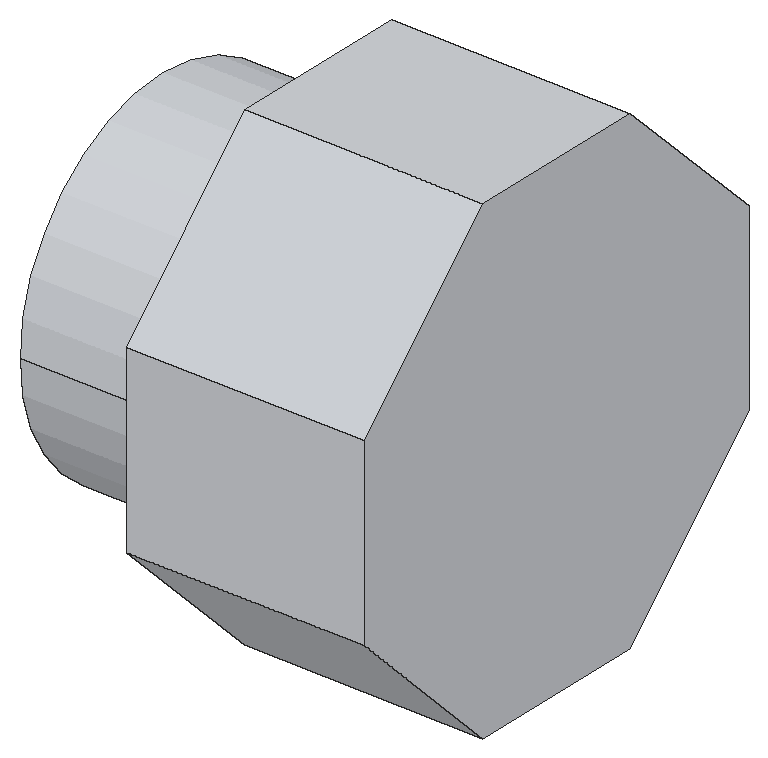
Revit family "Acoplamento - Junta - Rosqueada F - PPR", category Conexões de tubo, Revit 2019
Family settings
  Cota do conector redondo = Usar raio
  Tipo de parte = Transição
  Com base no plano de trabalho = Não
  Sempre na vertical = Sim
  Corte com vazios quando carregada = Não
  Compartilhado = Não
Parameters (values of type "Padrão")
  Tamanho da marca de revisão [instance] = Diâmetro externo da conexão * 0.4  # 23.12 mm
  Raio externo do soquete [instance] = Diâmetro externo do soquete / 2  # 21.5 mm
  Diâmetro externo do soquete [instance] = size_lookup(Nome da tabela de pesquisa, "SOD", 1.09 * Diâmetro nominal 1 + 9.6 mm, Diâmetro nominal 1)  # 43 mm
  Profundidade do soquete [instance] = size_lookup(Nome da tabela de pesquisa, "SDpt", 0.27 * Diâmetro nominal 1 + 10.1 mm, Diâmetro nominal 1)  # 18.75 mm
  Raio nominal 2 [instance] = 12.5 mm
  Raio nominal 1 [instance] = 16 mm
  Diâmetro nominal 2 [instance] = Raio nominal 2 * 2  # 25 mm
  Diâmetro nominal 1 [instance] = Raio nominal 1 * 2  # 32 mm
  Método de perda = Coeficiente K da tabela
  Nome da tabela de pesquisa = "BR_Coupling - Slip x Threaded F - PPR"
  Comprimento 1 [instance] = sin(22.50°) * Raio externo da conexão  # 11.06 mm
  Comprimento [instance] = size_lookup(Nome da tabela de pesquisa, "Lgt", 0.72 * Diâmetro nominal 2 + 41.7 mm, Diâmetro nominal 1, Diâmetro nominal 2)  # 47.5 mm
  Tabela de coeficiente K = "Transição de contração/alargamento"
  Raio externo da conexão [instance] = Diâmetro externo da conexão / 2  # 28.9 mm
  Diâmetro externo da conexão [instance] = size_lookup(Nome da tabela de pesquisa, "FOD", 1.42 * Diâmetro nominal 2 + 21.8 mm, Diâmetro nominal 1, Diâmetro nominal 2)  # 57.8 mm
Reference planes
  plane 1 "Centro (frente/trás)": y = 0
  plane 2: z = 0
  plane 3 "Centro (direita/esquerda)": x = 0
  plane 4: x = 0
  plane 5: x = 47.5
  plane 6: y = 23.12
  plane 7: y = -23.12
  plane 8: x = 18.75
  plane 9: z = 28.9
  plane 10: z = -28.9
  plane 11: y = -28.9
  plane 12: y = 28.9
  plane 13: z = 11.06
  plane 14: z = -11.06
  plane 15: y = -11.06
  plane 16: y = 11.06
Forms (mm)
  Extrusion 1, solid, detail levels fine
    sketch origin (18.75, 33.212, 1219.2) x (0, -1, 0) y (0, 0, 1)
      loop
        circle (33.212, -1219.2) r 21.5
    from 18.75 to 0
  Extrusion 2, solid, detail levels fine
    sketch origin (47.5, 1524, 1219.2) x (0, 1, 0) y (0, 0, -1)
      loop
        line (-1552.9, 1208.14) -> (-1535.06, 1190.3) -> (-1512.94, 1190.3) -> (-1495.1, 1208.14) -> (-1495.1, 1230.26) -> (-1512.94, 1248.1) -> (-1535.06, 1248.1) -> (-1552.9, 1230.26) -> (-1552.9, 1208.14)
    from 28.75 to 0
Cuts and joins
  joined: Extrusion 1, Extrusion 2
Lines and regions (mm)
  model lines, detail levels coarse+medium
    curve 1: line (0, 0, 0) -> (47.5, 0, 0)
    curve 2: line (0, 23.12, 0) -> (0, -23.12, 0)
    curve 3: line (47.5, 23.12, 0) -> (47.5, -23.12, 0)
Dimensions and locks
  "Comprimento": plane 4 to plane 5
  "Tamanho da marca de revisão": plane 6 to plane 1 "Centro (frente/trás)"
  "Tamanho da marca de revisão": plane 7 to plane 1 "Centro (frente/trás)"
  "Profundidade do soquete": plane 4 to plane 8
  equal spacing: plane 9, plane 2, plane 10
  "Diâmetro externo da conexão": plane 9 to plane 10
  equal spacing: plane 11, plane 1 "Centro (frente/trás)", plane 12
  "Diâmetro externo da conexão": plane 11 to plane 12
  "Comprimento 1": plane 13 to plane 2
  "Comprimento 1": plane 2 to plane 14
  "Comprimento 1": plane 15 to plane 1 "Centro (frente/trás)"
  "Comprimento 1": plane 1 "Centro (frente/trás)" to plane 16
  "Raio externo do soquete": radius of Extrusion 1 sketch curve
  aligned and locked: plane 6 to curve 2
  aligned and locked: plane 7 to curve 2
  aligned and locked: curve 2 to plane 4
  aligned and locked: plane 6 to curve 3
  aligned and locked: plane 7 to curve 3
  aligned and locked: plane 5 to curve 3
  aligned and locked: plane 4 to curve 1
  aligned and locked: plane 5 to curve 1
  aligned and locked: plane 1 "Centro (frente/trás)" to curve 1
  aligned and locked: Extrusion 1 to plane 4
  aligned and locked: Extrusion 1 to plane 8
  aligned and locked: plane 8 to Extrusion 2
  aligned and locked: Extrusion 2 to plane 5
  aligned and locked: plane 4 to plane 3 "Centro (direita/esquerda)"
Automatic sketch dimensions
  Extrusion 1 sketch curve to level = 0 mm
  Extrusion 1 sketch curve to plane 1 "Centro (frente/trás)" = 0 mm
  Extrusion 2 sketch curve to plane 11 = 0 mm
  Extrusion 2 sketch curve to plane 9 = 0 mm
  Extrusion 2 sketch curve to plane 15 = 0 mm  (x2)
  Extrusion 2 sketch curve to plane 10 = 0 mm
  Extrusion 2 sketch curve to plane 16 = 0 mm  (x2)
  Extrusion 2 sketch curve to plane 12 = 0 mm
  Extrusion 2 sketch curve to plane 14 = 0 mm
  plane 14 to Extrusion 2 sketch curve = 0 mm
  Extrusion 2 sketch curve to plane 13 = 0 mm
  plane 13 to Extrusion 2 sketch curve = 0 mm
Connectors
  piping at (0, 0, 0), diameter 32, driven by "Raio nominal 1"
    settings: on Extrusion 1, index 1, connector inside diameter 32 mm, connector length 0 mm, flow factor 0, pipe flow 0.0 L/s, pressure drop 0.0 Pa, fitting loss kfactor 0, connector angle 0.00°, fixture units 0, engagement length 0 mm, angle of deflection 0.00°, flow configuration 0, flow direction 0, fitting loss method 0, system type 28, joint type 0, gender type 0, connector reference index 2, connector utility 0, adjustable connector no, is connector primary yes, connector description ""
  piping at (47.5, 0, 0), diameter 25, driven by "Raio nominal 2"
    settings: on Extrusion 2, index 2, connector inside diameter 25 mm, connector length 0 mm, flow factor 0, pipe flow 0.0 L/s, pressure drop 0.0 Pa, fitting loss kfactor 0, connector angle 0.00°, fixture units 0, engagement length 0 mm, angle of deflection 0.00°, flow configuration 0, flow direction 0, fitting loss method 0, system type 28, joint type 0, gender type 0, connector reference index 1, connector utility 0, adjustable connector no, is connector primary no, connector description ""
